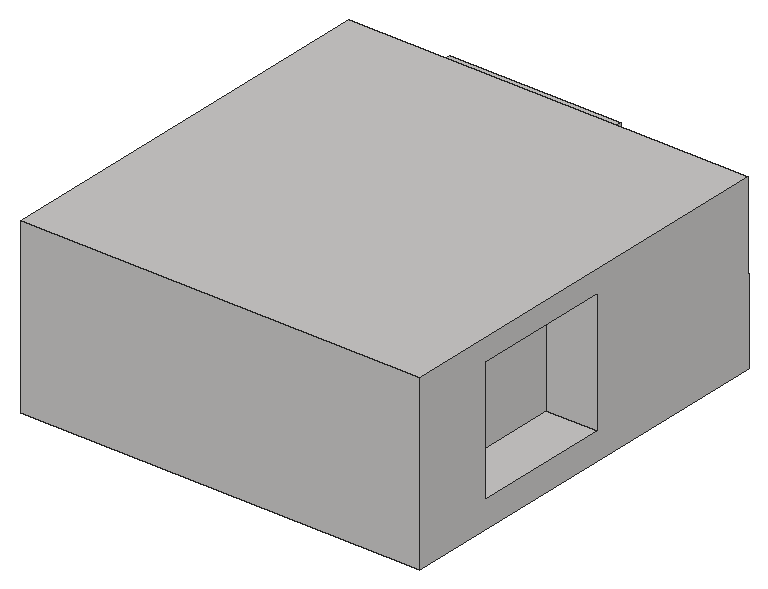
Revit family
Parameters
  Width = 4' - 0 1/8"
  Voltage = 120 V
  Unit Weight = "225.0 lbs"
  UltraLoc Liner = Choose Liner Option = 3  # no
  URL = "http://www.titus-hvac.com/"
  UL = "181"
  Supply Air Flow [instance] = 0 CFM
  SteriLoc Liner = Choose Liner Option = 2  # no
  Primary Air Pressure Drop [instance] = 0.00 in-wg
  Primary Air Flow [instance] = 0 CFM
  Plenum Air Pressure Drop [instance] = 0.00 in-wg
  Plenum Air Flow [instance] = 0 CFM
  Outlet Width = 1' - 4 1/2"
  Outlet Vertical Offset = 0' - 1 1/8"
  Outlet Horizontal Offset = 0' - 1 3/8"
  Outlet Height = 1' - 2 1/2"
  Number of Poles = 1
  Nominal Width = Width + 0' 6 1/4"  # 4' - 6 3/8"
  Nominal Length = Length + 0' 3 3/8"  # 4' - 2 1/4"
  Nominal Inlet Size = 1' - 2"
  Nominal Height = 1' - 8 1/8"
  NFPA = "90A"
  Motor Full Load Amps = 13.4 A
  Model = "DTQS"
  Min. Air Flow = 0 CFM
  Max. Air Flow = 0 CFM
  Material = Galvanized Steel
  Manufacturer = "Titus"
  Length = 3' - 10 7/8"
  Juction Box Offset = 0' - 6 7/8"
  Inlet Diameter = Nominal Inlet Size - 0' 0 1/8"  # 1' - 1 7/8"
  Induced offset = 0' - 1 1/4"
  Induced Air Inlet Offset = 0' - 4 1/2"
  Induced Air Inlet Width = 1' - 9"
  Induced Air Inlet Height = 1' - 5 1/2"
  Induced Air Filter = no
  Heating Total Capacity [instance] = 0 Btu/h
  Half Outlet Connection Width = Outlet Width / 2  # 0' - 8 1/4"
  Half Outlet Connection Height = Outlet Height / 2  # 0' - 7 1/4"
  Half Height Start = -(Nominal Height / 2)  # -0' - 10 1/16"
  Half Height End = Nominal Height / 2  # 0' - 10 1/16"
  HP-Motor = "3/4"
  Frequency = 60 Hz
  Filter Size = "27\"x20\""
  Fiber Free Liner = Choose Liner Option = 1  # no
  Fan Disconnect Switch = no
  Duct Radius = Nominal Inlet Size / 2  # 0' - 7"
  Description = "Series Fan Powered Terminal Unit, Direct Digital Control, Pressure Independent"
  Connection Void Radius = Connection Radius - 0' 0 1/4"  # 0' - 6 11/16"
  Connection Radius = Inlet Diameter / 2  # 0' - 6 15/16"
  Choose Liner Option = 0
  CADworks URL = "www.CADworks.net"
  Assembly Code = "D3040100"
  Apparent Power = Voltage * Motor Full Load Amps  # 1608 VA
  Air Inlet Offset = 0' - 10"
  1/2" Fiberglass Liner = Choose Liner Option = 0  # yes
Reference planes (in)
  plane 1 "Center (Front/Back)": y = 0
  plane 2: z = 0
  plane 3 "Center (Left/Right)": x = 3
  plane 4: x = -20.4375
  plane 5: x = 26.4375
  plane 6: x = -13.5625
  plane 7: x = -23.8125
  plane 8 "Center (Elevation)": z = 0
  plane 9: y = -24.0625
  plane 10: y = 24.0625
  plane 11: y = 14.0625
  plane 12: y = -19.5625
  plane 13: x = 20.4375
  plane 14: y = 30.3125
  plane 15: z = 10.0625
  plane 16: z = -10.0625
Forms (in)
  Extrusion 1, solid, material "Galvanized Steel" <- "Material"
    sketch origin (0, 0, 52) x (1, 0, 0) y (0, 1, 0)
      loop
        line (-20.4375, 24.0625) -> (-20.4375, -24.0625) -> (26.4375, -24.0625) -> (26.4375, 24.0625) -> (-20.4375, 24.0625)
    from -62.0625 <- "Half Height Start" to -41.9375 <- "Half Height End"
  Extrusion 2, solid, material "Galvanized Steel" <- "Material"
    sketch origin (5.0625, 0, -6) x (1, 0, 0) y (0, 1, 0)
      loop
        line (-18.625, 24.0625) -> (1.375, 24.0625) -> (1.375, 30.3125) -> (-18.625, 30.3125) -> (-18.625, 24.0625)
    from 0 to 12
  Extrusion 3, void
    sketch origin (26.4375, 24.0625, 53.125) x (0, 1, 0) y (0, 0, -1)
      loop
        line (-22.125, 45.5625) -> (-22.125, 60.0625) -> (-38.625, 60.0625) -> (-38.625, 45.5625) -> (-22.125, 45.5625)
    from 0 to 6
  Extrusion 4, solid, material "Galvanized Steel" <- "Material"
    sketch origin (-24.875, 0.5625, 0) x (0, 0, -1) y (0, 1, 0)
      loop
        circle (0, 13.5) r 6.9375
    from 1.0625 to 4.4375
  Extrusion 5, void
    sketch origin (-24.875, 0, 0) x (0, 1, 0) y (0, 0, 1)
      loop
        circle (14.0625, 0) r 6.6875
    from 1.0625 to 11.3125
  Extrusion 6, void
    sketch origin (-20.4375, -24.0625, 52) x (0, -1, 0) y (0, 0, -1)
      loop
        line (-25.5, 43.3125) -> (-4.5, 43.3125) -> (-4.5, 60.8125) -> (-25.5, 60.8125) -> (-25.5, 43.3125)
    from 0 to 6.875
Cuts and joins
  Extrusion 3, Extrusion 5, Extrusion 6 cuts Extrusion 1
  Extrusion 5 cuts Extrusion 4
Dimensions and locks (in)
  "Length": plane 5 to plane 4
  equal spacing: plane 5, plane 3 "Center (Left/Right)", plane 4
  locked: Extrusion 2 to plane 6 at 0
  locked: Extrusion 2 to Extrusion 2 at 20
  "Juction Box Offset": plane 6 to plane 4
  "Outlet Height": Extrusion 3 sketch curve to Extrusion 3 sketch curve
  "Outlet Width": Extrusion 3 sketch curve to Extrusion 3 sketch curve
  locked: plane 4 to plane 7 at 3.375
  "Width": plane 9 to plane 10
  equal spacing: plane 9, plane 1 "Center (Front/Back)", plane 10
  locked: Extrusion 4 sketch curve to level at 0
  locked: Extrusion 4 sketch curve to plane 11 at 0
  locked: Extrusion 5 sketch curve to level at 0
  locked: Extrusion 5 sketch curve to plane 11 at 0
  locked: Extrusion 2 to Extrusion 2 at 6.25
  "Air Inlet Offset": plane 10 to plane 11
  locked: Extrusion 2 to plane 10 at 0
  locked: cut or joined group of Extrusion 4, Extrusion 5 to plane 7 at 0
  locked: cut or joined group of Extrusion 4, Extrusion 5 to cut or joined group of Extrusion 4, Extrusion 5 at 3.375
  "Induced Air Inlet Offset": plane 9 to plane 12
  "Induced Air Inlet Width": Extrusion 6 sketch curve to Extrusion 6 sketch curve
  "Induced Air Inlet Height": Extrusion 6 sketch curve to Extrusion 6 sketch curve
  "Induced Air Inlet Offset": Extrusion 6 sketch curve to plane 9
  locked: plane 9 to Extrusion 3 sketch curve at 9.5
  cut or joined group of Extrusion 1, Extrusion 3, Extrusion 5, Extrusion 6 to Extrusion 3 sketch curve = 0' - 3 1/8"
  locked: Extrusion 2 to Extrusion 2 at 12
  equal spacing: Extrusion 2, level, Extrusion 2
  locked: cut or joined group of Extrusion 1, Extrusion 3, Extrusion 5, Extrusion 6 to cut or joined group of Extrusion 1, Extrusion 3, Extrusion 5, Extrusion 6 at 20.125
  equal spacing: cut or joined group of Extrusion 1, Extrusion 3, Extrusion 5, Extrusion 6, level, cut or joined group of Extrusion 1, Extrusion 3, Extrusion 5, Extrusion 6
  "Induced offset": Extrusion 6 sketch curve to cut or joined group of Extrusion 1, Extrusion 3, Extrusion 5, Extrusion 6
  "Connection Radius": radius of Extrusion 4 sketch curve
  "Connection Void Radius": radius of Extrusion 5 sketch curve
  aligned and locked: plane 6 to Extrusion 6
  aligned and locked: Extrusion 3 to plane 13
  aligned and locked: plane 5 to cut or joined group of Extrusion 1, Extrusion 3, Extrusion 5, Extrusion 6
  aligned and locked: cut or joined group of Extrusion 1, Extrusion 3, Extrusion 5, Extrusion 6 to plane 4
  aligned and locked: cut or joined group of Extrusion 1, Extrusion 3, Extrusion 5, Extrusion 6 to plane 10
  aligned and locked: plane 9 to cut or joined group of Extrusion 1, Extrusion 3, Extrusion 5, Extrusion 6
  aligned and locked: Extrusion 1 to Extrusion 6
  aligned and locked: Extrusion 5 to plane 7
  aligned and locked: plane 6 to Extrusion 5
Automatic sketch dimensions
  Extrusion 1 sketch curve to plane 4 = 0' - 0"
  plane 5 to Extrusion 1 sketch curve = 0' - 0"
  Extrusion 1 sketch curve to plane 9 = 0' - 0"
  Extrusion 1 sketch curve to plane 10 = 0' - 0"
  Extrusion 2 sketch curve to plane 6 = 0' - 0"
  Extrusion 2 sketch curve to plane 10 = 0' - 0"
  plane 3 "Center (Left/Right)" to Extrusion 2 sketch curve = 0' - 3 7/16"
  Extrusion 2 sketch curve to plane 10 = 0' - 6 1/4"
Connectors (in)
  electrical at (-3.5625, 30.3125, 0), driven by "Apparent Power", driven by "Voltage", driven by "Number of Poles"
    settings: on Extrusion 2, index 8
  hvac at (-23.8125, 14.0625, 0), driven by "Primary Air Flow", driven by "Duct Radius", driven by "Primary Air Pressure Drop"
    settings: on cut or joined group of Extrusion 4, Extrusion 5, index 9
  hvac at (-20.4375, -9.0625, -0.0625), driven by "Induced Air Inlet Height", driven by "Induced Air Inlet Width", driven by "Plenum Air Pressure Drop", driven by "Plenum Air Flow"
    settings: on cut or joined group of Extrusion 1, Extrusion 3, Extrusion 5, Extrusion 6, index 12
  hvac at (26.4375, -6.3125, 0.3125), driven by "Supply Air Flow", driven by "Outlet Width", driven by "Outlet Height"
    settings: on cut or joined group of Extrusion 1, Extrusion 3, Extrusion 5, Extrusion 6, index 13
